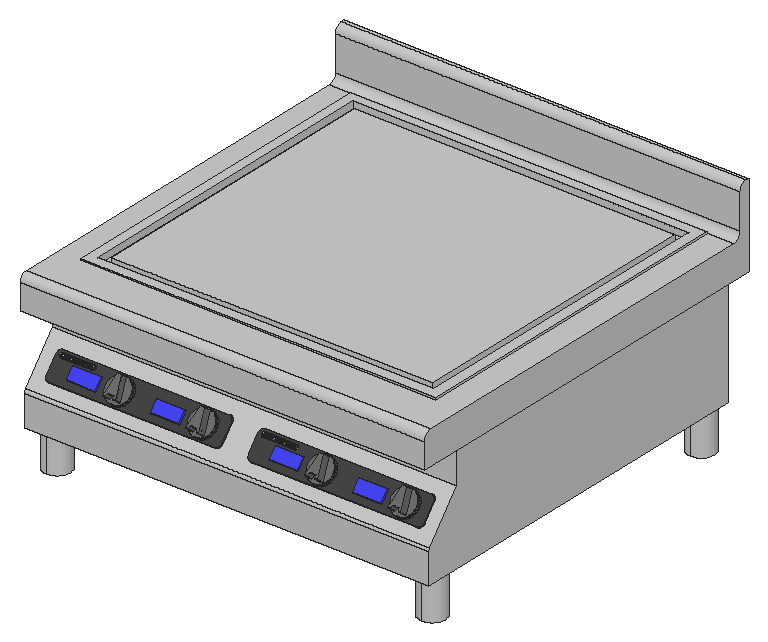
Revit family "QF_ADVENTYS_MOP4I_16000_250902084646", category Specialty Equipment, Revit 2021
Family settings
  Round Connector Dimension = Use Diameter
  Part Type = Normal
  OmniClass Number = 23.40.40.14
  OmniClass Title = Food Service Equipment
  Work Plane-Based = No
  Always vertical = Yes
  Cut with Voids When Loaded = No
  Shared = No
  Room Calculation Point = No
Parameters (values of type "ADV2048")
  Weight in Pounds [instance] = 0
  Weight = 100.00 kg
  Warranty Start Date [instance] = ""
  Warranty Duration [instance] = ""
  Volts [instance] = 440 V
  URL Recommended Spares List = ""
  URL Manufacturer = ""
  URL Cutsheet = ""
  URL Critical Spares List = ""
  URL = "www.adventys.com"
  Tag Number [instance] = ""
  Status [instance] = ""
  Specification by User [instance] = ""
  Specification by Manufacturer [instance] = ""
  Sound Level [instance] = ""
  Solid Fuel Type [instance] = ""
  Service Life Duration [instance] = ""
  Serial Number [instance] = ""
  Seismic Rating [instance] = ""
  SMACNA No [instance] = ""
  Revision Code [instance] = ""
  Revision [instance] = ""
  Production Year [instance] = ""
  Point Load [instance] = 0
  Phase [instance] = 3
  Other Equipment Approvals [instance] = ""
  Number of Poles [instance] = 3
  NAFEM Spec ID Number [instance] = ""
  Model Warning [instance] = ""
  Model = "MOP4I 16000"
  Min Ckt Ampacity [instance] = 0 A
  Max Overcurrent Protection [instance] = 25 A
  Masterspec [instance] = ""
  Manufacturer = "ADVENTYS"
  Length Actual = 800 mm
  Item Number [instance] = ""
  Installed By [instance] = ""
  Installation Date [instance] = ""
  Identify Quantity as Lot [instance] = no
  ID [instance] = ""
  Hygiene Approval [instance] = ""
  Hot Water Consumption = 0.0 L/s
  Height Actual = 456 mm
  HP power [instance] = ""
  Furnished By [instance] = ""
  Foodservice Equipment Identifier [instance] = no
  FL Amps [instance] = 24 A
  Electrical Remarks [instance] = "Plug not included"
  Electric power [instance] = 0 W
  Electric Connection Type [instance] = "Cord&Plug"
  Elec Conn RI Height [instance] = 0 mm
  Elec Conn Connection Height [instance] = 0 mm
  ETL Approved [instance] = no
  Description = "INDUCTION PLANCHA MODULE 4 ZONES THREE-PHASE"
  Depth Actual = 800 mm
  Default Elevation = 0 mm
  Cycle [instance] = 60 Hz
  Cost = 0
  Conn Plug [instance] = ""
  Conn Conduit [instance] = no
  CSI MasterFormat [instance] = ""
  CE Approved [instance] = no
  Barcode [instance] = 0
  Author [instance] = ""
  Asset Identifier [instance] = ""
  Apparent Power [instance] = 16000 VA
  Accessory = no
Reference planes
  plane 1 "Center (Front/Back)": y = 0
  plane 2: z = 0
  plane 3 "Center (Left/Right)": x = 0
Forms (mm)
  Extrusion 1, solid, not visible
    sketch origin (96.005, -39.002, 227.011) x (1, 0, 0) y (0, 1, 0)
      loop
        line (-2, 2) -> (-2, -2) -> (2, -2) -> (2, 2) -> (-2, 2)
    from -2 to 2
Dimensions and locks
  locked: Extrusion 1 to nested 2
  locked: nested 2 to Extrusion 1 at 2
  aligned and locked: level to plane 2
Nested families
  nested 1: "QF_ADVENTYS_ADV2048_2916" at (0, 0, 0), type "ADV2048"
    with Status "", Show Logo yes
  nested 2: "CONN_POINT_ELE_2D___Generic_Annotation" at (96.005, -37.002, 227.011), type "CONN_POINT_ELE_2D___Generic_Annotation"
    with Onboard connection annotation symbol visibility yes
Connectors
  electrical at (96.005, -37.002, 227.011), driven by "Apparent Power", driven by "Number of Poles", driven by "Volts"
    settings: on Extrusion 1, index 1, voltage 440 V, apparent load 0 VA, apparent load phase1 16000 VA, apparent load phase2 0 VA, apparent load phase3 0 VA, power factor 1, load classification "Other", number of poles 3, system type 31, power factor state 1, is connector primary yes, connector utility no, sub classification motor no, connector description "Electrical connection for MOP4I 16000"
Definition of nested family "QF_ADVENTYS_ADV2048_2916"
  Parameters (values of type "ADV2048")
    URL = "www.adventys.com"
    Status [instance] = ""
    Show Logo [instance] = yes
    Model = "MOP4I 16000"
    Manufacturer = "ADVENTYS"
    Description = "INDUCTION PLANCHA MODULE 4 ZONES THREE-PHASE"
    Default Elevation = 0 mm
    Author = "SPECIFI"
    Assembly Code = "E1090320"
  Reference planes
    plane 1 "Back": y = 0
    plane 2: z = 0
    plane 3 "Left": x = 0
    plane 4 "Right": x = 800
    plane 5 "Front": y = -800
    plane 6 "Top": z = 455
  Forms (mm)
    Extrusion 1, solid
      sketch origin (0, 0, 0) x (0, 1, 0) y (0, 0, 1)
        loop
          line (-790, 80) -> (-50, 80) -> (-50, 290.8) -> (-720, 290.8) -> (-720, 227.161) -> (-787.017, 147.294)
          arc (-787.017, 147.294) -> (-789.078, 143.88) -> (-790, 140) r 12.92
          line (-790, 140) -> (-790, 80)
      from 0 to 800
    Extrusion 2, solid
      sketch origin (0, 0, 0) x (0, 1, 0) y (0, 0, 1)
        loop
          line (0, 290.8) -> (0, 455) -> (-5, 455)
          arc (-5, 455) -> (-15.607, 450.607) -> (-20, 440) r 15
          line (-20, 440) -> (-20, 370.8)
          arc (-20, 370.8) -> (-24.393, 360.193) -> (-35, 355.8) r 15
          line (-35, 355.8) -> (-785, 355.8)
          arc (-785, 355.8) -> (-795.607, 351.407) -> (-800, 340.8) r 15
          line (-800, 340.8) -> (-800, 290.8) -> (0, 290.8)
      from 0 to 800
    Extrusion 3, solid
      sketch origin (525, -720, 227.161) x (0, -0.642788, -0.766044) y (1, 0, 0)
        loop
          arc (26.45, -488.6) -> (29.379, -495.671) -> (36.45, -498.6) r 10
          line (36.45, -498.6) -> (72.45, -498.6)
          arc (72.45, -498.6) -> (79.521, -495.671) -> (82.45, -488.6) r 10
          line (82.45, -488.6) -> (82.45, -161.4)
          arc (82.45, -161.4) -> (79.521, -154.329) -> (72.45, -151.4) r 10
          line (72.45, -151.4) -> (36.45, -151.4)
          arc (36.45, -151.4) -> (29.379, -154.329) -> (26.45, -161.4) r 10
          line (26.45, -161.4) -> (26.45, -488.6)
      from 0 to 1.881
    Extrusion 4, solid
      sketch origin (525, -720, 227.161) x (0, -0.642788, -0.766044) y (1, 0, 0)
        loop
          line (44.95, -459.1) -> (68.95, -459.1) -> (68.95, -403.1) -> (44.95, -403.1) -> (44.95, -459.1)
        loop
          line (44.95, -293.6) -> (68.95, -293.6) -> (68.95, -237.6) -> (44.95, -237.6) -> (44.95, -293.6)
      from 1.881 to 3.679
    Extrusion 5, solid
      sketch origin (525, -720, 227.161) x (0, -0.642788, -0.766044) y (1, 0, 0)
        loop
          line (77.193, -371.481) -> (78.52, -367.858) -> (79.283, -363.991) -> (79.427, -360.015) -> (78.941, -356.081) -> (77.862, -352.331) -> (76.265, -348.888) -> (74.254, -345.841) -> (71.944, -343.24) -> (69.45, -341.1) -> (66.873, -339.405) -> (64.297, -338.121) -> (61.785, -337.2) -> (59.381, -336.591) -> (56.817, -336.212) -> (54.45, -336.1) -> (52.084, -336.212) -> (49.52, -336.591) -> (47.116, -337.2) -> (44.604, -338.121) -> (42.027, -339.405) -> (39.45, -341.1) -> (36.956, -343.24) -> (34.647, -345.841) -> (32.636, -348.888) -> (31.039, -352.331) -> (29.959, -356.081) -> (29.474, -360.015) -> (29.618, -363.991) -> (30.381, -367.858) -> (31.708, -371.481) -> (33.507, -374.752) -> (35.926, -377.889) -> (38.945, -380.711) -> (42.475, -383.045) -> (46.365, -384.756) -> (50.423, -385.773) -> (54.45, -386.1) -> (58.478, -385.773) -> (62.536, -384.756) -> (66.426, -383.045) -> (69.956, -380.711) -> (72.974, -377.889) -> (75.393, -374.752) -> (77.193, -371.481)
        loop
          line (78.941, -191.081) -> (77.862, -187.331) -> (76.265, -183.888) -> (74.254, -180.841) -> (71.944, -178.24) -> (69.45, -176.1) -> (66.873, -174.405) -> (64.297, -173.121) -> (61.785, -172.2) -> (59.381, -171.591) -> (56.817, -171.212) -> (54.45, -171.1) -> (52.084, -171.212) -> (49.52, -171.591) -> (47.116, -172.2) -> (44.604, -173.121) -> (42.027, -174.405) -> (39.45, -176.1) -> (36.956, -178.24) -> (34.647, -180.841) -> (32.636, -183.888) -> (31.039, -187.331) -> (29.959, -191.081) -> (29.474, -195.015) -> (29.618, -198.991) -> (30.381, -202.858) -> (31.708, -206.481) -> (33.507, -209.752) -> (35.926, -212.889) -> (38.945, -215.711) -> (42.475, -218.045) -> (46.365, -219.756) -> (50.423, -220.773) -> (54.45, -221.1) -> (58.478, -220.773) -> (62.536, -219.756) -> (66.426, -218.045) -> (69.956, -215.711) -> (72.974, -212.889) -> (75.393, -209.752) -> (77.193, -206.481) -> (78.52, -202.858) -> (79.283, -198.991) -> (79.427, -195.015) -> (78.941, -191.081)
      from 1.881 to 10
    Extrusion 6, solid
      sketch origin (525, -720, 227.161) x (0, -0.642788, -0.766044) y (1, 0, 0)
        loop
          line (72.45, -353.1) -> (72.45, -348.1) -> (31.45, -357.1) -> (31.45, -365.1) -> (72.45, -374.1) -> (72.45, -369.1) -> (66.45, -367.1) -> (66.45, -355.1) -> (72.45, -353.1)
      from 10 to 25.009
    Extrusion 7, solid
      sketch origin (690, -720, 227.161) x (0, -0.642788, -0.766044) y (1, 0, 0)
        loop
          line (72.45, -353.1) -> (72.45, -348.1) -> (31.45, -357.1) -> (31.45, -365.1) -> (72.45, -374.1) -> (72.45, -369.1) -> (66.45, -367.1) -> (66.45, -355.1) -> (72.45, -353.1)
      from 10 to 25.009
    Revolve 8, solid
      sketch origin (29, 0, 0) x (0, 1, 0) y (0, 0, 1)
        loop
          line (-719, 0) -> (-719, 80) -> (-745, 80) -> (-745, 0) -> (-719, 0)
        axis (-745, 80) -> (-745, 0)
      angle from 0 to 360
    Revolve 9, solid
      sketch origin (29, 665, 0) x (0, 1, 0) y (0, 0, 1)
        loop
          line (-719, 0) -> (-719, 80) -> (-745, 80) -> (-745, 0) -> (-719, 0)
        axis (-745, 80) -> (-745, 0)
      angle from 0 to 360
    Revolve 10, solid
      sketch origin (771, 0, 0) x (0, 1, 0) y (0, 0, 1)
        loop
          line (-719, 0) -> (-719, 80) -> (-745, 80) -> (-745, 0) -> (-719, 0)
        axis (-745, 80) -> (-745, 0)
      angle from 0 to 360
    Revolve 11, solid
      sketch origin (771, 665, 0) x (0, 1, 0) y (0, 0, 1)
        loop
          line (-719, 0) -> (-719, 80) -> (-745, 80) -> (-745, 0) -> (-719, 0)
        axis (-745, 80) -> (-745, 0)
      angle from 0 to 360
    Extrusion 12, solid
      sketch origin (0, 0, 0) x (1, 0, 0) y (0, 0, 1)
        loop
          line (173, 264) -> (47, 264) -> (47, 170) -> (173, 170) -> (173, 264)
      from 47.858 to 50
    Extrusion 13, solid
      sketch origin (0, 0, 0) x (1, 0, 0) y (0, 0, 1)
        loop
          circle (110.78, 227.161) r 15
      from 36.426 to 47.858
    Extrusion 14, solid
      sketch origin (925, -720, 227.161) x (0, -0.642788, -0.766044) y (1, 0, 0)
        loop
          arc (26.45, -488.6) -> (29.379, -495.671) -> (36.45, -498.6) r 10
          line (36.45, -498.6) -> (72.45, -498.6)
          arc (72.45, -498.6) -> (79.521, -495.671) -> (82.45, -488.6) r 10
          line (82.45, -488.6) -> (82.45, -161.4)
          arc (82.45, -161.4) -> (79.521, -154.329) -> (72.45, -151.4) r 10
          line (72.45, -151.4) -> (36.45, -151.4)
          arc (36.45, -151.4) -> (29.379, -154.329) -> (26.45, -161.4) r 10
          line (26.45, -161.4) -> (26.45, -488.6)
      from 0 to 1.881
    Extrusion 15, solid
      sketch origin (925, -720, 227.161) x (0, -0.642788, -0.766044) y (1, 0, 0)
        loop
          line (44.95, -459.1) -> (68.95, -459.1) -> (68.95, -403.1) -> (44.95, -403.1) -> (44.95, -459.1)
        loop
          line (44.95, -293.6) -> (68.95, -293.6) -> (68.95, -237.6) -> (44.95, -237.6) -> (44.95, -293.6)
      from 1.881 to 3.679
    Extrusion 16, solid
      sketch origin (925, -720, 227.161) x (0, -0.642788, -0.766044) y (1, 0, 0)
        loop
          line (77.193, -371.481) -> (78.52, -367.858) -> (79.283, -363.991) -> (79.427, -360.015) -> (78.941, -356.081) -> (77.862, -352.331) -> (76.265, -348.888) -> (74.254, -345.841) -> (71.944, -343.24) -> (69.45, -341.1) -> (66.873, -339.405) -> (64.297, -338.121) -> (61.785, -337.2) -> (59.381, -336.591) -> (56.817, -336.212) -> (54.45, -336.1) -> (52.084, -336.212) -> (49.52, -336.591) -> (47.116, -337.2) -> (44.604, -338.121) -> (42.027, -339.405) -> (39.45, -341.1) -> (36.956, -343.24) -> (34.647, -345.841) -> (32.636, -348.888) -> (31.039, -352.331) -> (29.959, -356.081) -> (29.474, -360.015) -> (29.618, -363.991) -> (30.381, -367.858) -> (31.708, -371.481) -> (33.507, -374.752) -> (35.926, -377.889) -> (38.945, -380.711) -> (42.475, -383.045) -> (46.365, -384.756) -> (50.423, -385.773) -> (54.45, -386.1) -> (58.478, -385.773) -> (62.536, -384.756) -> (66.426, -383.045) -> (69.956, -380.711) -> (72.974, -377.889) -> (75.393, -374.752) -> (77.193, -371.481)
        loop
          line (78.941, -191.081) -> (77.862, -187.331) -> (76.265, -183.888) -> (74.254, -180.841) -> (71.944, -178.24) -> (69.45, -176.1) -> (66.873, -174.405) -> (64.297, -173.121) -> (61.785, -172.2) -> (59.381, -171.591) -> (56.817, -171.212) -> (54.45, -171.1) -> (52.084, -171.212) -> (49.52, -171.591) -> (47.116, -172.2) -> (44.604, -173.121) -> (42.027, -174.405) -> (39.45, -176.1) -> (36.956, -178.24) -> (34.647, -180.841) -> (32.636, -183.888) -> (31.039, -187.331) -> (29.959, -191.081) -> (29.474, -195.015) -> (29.618, -198.991) -> (30.381, -202.858) -> (31.708, -206.481) -> (33.507, -209.752) -> (35.926, -212.889) -> (38.945, -215.711) -> (42.475, -218.045) -> (46.365, -219.756) -> (50.423, -220.773) -> (54.45, -221.1) -> (58.478, -220.773) -> (62.536, -219.756) -> (66.426, -218.045) -> (69.956, -215.711) -> (72.974, -212.889) -> (75.393, -209.752) -> (77.193, -206.481) -> (78.52, -202.858) -> (79.283, -198.991) -> (79.427, -195.015) -> (78.941, -191.081)
      from 1.881 to 10
    Extrusion 17, solid
      sketch origin (925, -720, 227.161) x (0, -0.642788, -0.766044) y (1, 0, 0)
        loop
          line (72.45, -353.1) -> (72.45, -348.1) -> (31.45, -357.1) -> (31.45, -365.1) -> (72.45, -374.1) -> (72.45, -369.1) -> (66.45, -367.1) -> (66.45, -355.1) -> (72.45, -353.1)
      from 10 to 25.009
    Extrusion 18, solid
      sketch origin (1090, -720, 227.161) x (0, -0.642788, -0.766044) y (1, 0, 0)
        loop
          line (72.45, -353.1) -> (72.45, -348.1) -> (31.45, -357.1) -> (31.45, -365.1) -> (72.45, -374.1) -> (72.45, -369.1) -> (66.45, -367.1) -> (66.45, -355.1) -> (72.45, -353.1)
      from 10 to 25.009
    Extrusion 19, void
      sketch origin (0, 0, 0) x (1, 0, 0) y (0, 1, 0)
        loop
          line (62.215, -56.5) -> (62.215, -702.5) -> (737.785, -702.5) -> (737.785, -56.5) -> (62.215, -56.5)
      from 346.394 to 355.8
    Sweep 20, solid
      path origin (0, 0, 1.875) x (1, 0, 0) y (0, 1, 0)
        loop
          line (83, -77.24) -> (83, -677.24) -> (717, -677.24) -> (717, -77.24) -> (83, -77.24)
      profile origin (400, -77.24, 1.875) x (0, 1, 0) y (0, 0, 1)
        loop
          line (18.385, 344.519) -> (18.385, 357.245) -> (34.635, 357.245) -> (34.635, 360.254) -> (15.375, 360.254) -> (15.375, 347.528) -> (0, 347.528) -> (0, 344.519) -> (18.385, 344.519)
    Extrusion 21, solid
      sketch origin (0, 0, 1.875) x (1, 0, 0) y (0, 1, 0)
        loop
          line (717, -77.24) -> (83, -77.24) -> (83, -677.24) -> (717, -677.24) -> (717, -77.24)
      from 344.519 to 359.254
    Extrusion 22, solid, visible <- "Show Logo"
      sketch origin (-49.76, -336.42, 412.216) x (1, 0, 0) y (0, 0.642788, 0.766044)
        loop
          arc (88.581, -421.313) -> (88.113, -421.507) -> (87.92, -421.974) r 0.661
          line (87.92, -421.974) -> (87.92, -423.61)
          arc (87.92, -423.61) -> (88.124, -424.087) -> (88.609, -424.27) r 0.661
          line (88.609, -424.27) -> (88.609, -423.032)
          arc (88.609, -423.032) -> (88.952, -422.351) -> (89.662, -422.077) r 1.058
          line (89.662, -422.077) -> (92.486, -422.077)
          arc (92.486, -422.077) -> (92.335, -421.544) -> (91.833, -421.313) r 0.661
          line (91.833, -421.313) -> (88.581, -421.313)
        loop
          arc (88.581, -420.916) -> (87.833, -421.226) -> (87.523, -421.974) r 1.058
          line (87.523, -421.974) -> (87.523, -423.61)
          arc (87.523, -423.61) -> (87.843, -424.368) -> (88.609, -424.667) r 1.058
          arc (88.609, -424.667) -> (88.88, -425.483) -> (89.667, -425.828) r 1.058
          arc (89.667, -425.828) -> (89.974, -426.583) -> (90.725, -426.896) r 1.058
          line (90.725, -426.896) -> (93.719, -426.896)
          arc (93.719, -426.896) -> (94.467, -426.586) -> (94.777, -425.838) r 1.058
          line (94.777, -425.838) -> (94.777, -424.306)
          arc (94.777, -424.306) -> (94.463, -423.554) -> (93.708, -423.248) r 1.058
          arc (93.708, -423.248) -> (93.515, -422.517) -> (92.883, -422.101) r 1.058
          arc (92.883, -422.101) -> (92.625, -421.273) -> (91.833, -420.916) r 1.058
          line (91.833, -420.916) -> (88.581, -420.916)
        loop
          arc (93.719, -426.499) -> (94.187, -426.306) -> (94.38, -425.838) r 0.661
          line (94.38, -425.838) -> (94.38, -424.306)
          arc (94.38, -424.306) -> (94.185, -423.837) -> (93.714, -423.645) r 0.661
          line (93.714, -423.645) -> (93.714, -424.77)
          arc (93.714, -424.77) -> (93.404, -425.518) -> (92.656, -425.828) r 1.058
          line (92.656, -425.828) -> (90.064, -425.828)
          arc (90.064, -425.828) -> (90.254, -426.302) -> (90.725, -426.499) r 0.661
          line (90.725, -426.499) -> (93.719, -426.499)
        loop
          arc (95.546, -425.156) -> (95.587, -425.684) -> (96.116, -425.67) r 0.384
          line (96.116, -425.67) -> (96.845, -424.94) -> (99.743, -424.94) -> (100.472, -425.67)
          arc (100.472, -425.67) -> (101.001, -425.684) -> (101.042, -425.156) r 0.384
          line (101.042, -425.156) -> (98.294, -421.762) -> (95.546, -425.156)
        loop
          line (98.294, -423.127) -> (97.364, -424.275) -> (99.224, -424.275) -> (98.294, -423.127)
        loop
          line (102.315, -421.827) -> (102.315, -425.732) -> (105.995, -425.732)
          arc (105.995, -425.732) -> (107.947, -423.78) -> (105.995, -421.827) r 1.953
          line (105.995, -421.827) -> (102.315, -421.827)
        loop
          line (105.995, -422.854) -> (103.343, -422.854) -> (103.343, -424.705) -> (105.995, -424.705)
          arc (105.995, -424.705) -> (106.92, -423.78) -> (105.995, -422.854) r 0.925
        loop
          arc (109.84, -422.053) -> (109.312, -422.039) -> (109.27, -422.566) r 0.384
          line (109.27, -422.566) -> (112.019, -425.961) -> (114.767, -422.566)
          arc (114.767, -422.566) -> (114.725, -422.039) -> (114.197, -422.053) r 0.384
          line (114.197, -422.053) -> (112.019, -424.743) -> (109.84, -422.053)
        loop
          line (121.269, -421.781) -> (116.07, -421.781) -> (116.07, -425.732) -> (121.269, -425.732)
          arc (121.269, -425.732) -> (121.671, -425.331) -> (121.269, -424.93) r 0.401
          line (121.269, -424.93) -> (116.972, -424.93) -> (116.972, -424.139) -> (121.269, -424.139)
          arc (121.269, -424.139) -> (121.633, -423.775) -> (121.269, -423.412) r 0.363
          line (121.269, -423.412) -> (116.972, -423.412) -> (116.972, -422.583) -> (121.269, -422.583)
          arc (121.269, -422.583) -> (121.671, -422.182) -> (121.269, -421.781) r 0.401
        loop
          line (122.879, -422.331) -> (122.879, -425.274)
          arc (122.879, -425.274) -> (123.306, -425.701) -> (123.733, -425.274) r 0.427
          line (123.733, -425.274) -> (123.733, -423.122) -> (127.538, -425.5)
          arc (127.538, -425.5) -> (128.155, -425.516) -> (128.468, -424.984) r 0.608
          line (128.468, -424.984) -> (128.468, -422.254)
          arc (128.468, -422.254) -> (128.018, -421.804) -> (127.568, -422.254) r 0.45
          line (127.568, -422.254) -> (127.568, -424.337) -> (123.663, -421.897)
          arc (123.663, -421.897) -> (123.143, -421.883) -> (122.879, -422.331) r 0.513
        loop
          arc (130.273, -421.857) -> (129.778, -422.352) -> (130.273, -422.846) r 0.494
          line (130.273, -422.846) -> (132.065, -422.846) -> (132.065, -425.082)
          arc (132.065, -425.082) -> (132.54, -425.558) -> (133.016, -425.082) r 0.475
          line (133.016, -425.082) -> (133.016, -422.846) -> (134.724, -422.846)
          arc (134.724, -422.846) -> (135.218, -422.352) -> (134.724, -421.857) r 0.494
          line (134.724, -421.857) -> (130.273, -421.857)
        loop
          line (139.461, -423.175) -> (137.5, -421.853)
          arc (137.5, -421.853) -> (136.836, -421.982) -> (136.965, -422.646) r 0.479
          line (136.965, -422.646) -> (138.926, -423.969) -> (138.926, -425.108)
          arc (138.926, -425.108) -> (139.461, -425.643) -> (139.997, -425.108) r 0.535
          line (139.997, -425.108) -> (139.997, -423.969) -> (141.958, -422.646)
          arc (141.958, -422.646) -> (142.087, -421.982) -> (141.423, -421.853) r 0.479
          line (141.423, -421.853) -> (139.461, -423.175)
        loop
          line (148.501, -421.857) -> (144.795, -421.857)
          arc (144.795, -421.857) -> (143.661, -422.991) -> (144.795, -424.125) r 1.134
          line (144.795, -424.125) -> (147.852, -424.125)
          arc (147.852, -424.125) -> (148.265, -424.538) -> (147.852, -424.951) r 0.413
          line (147.852, -424.951) -> (144.128, -424.951)
          arc (144.128, -424.951) -> (143.786, -425.292) -> (144.128, -425.634) r 0.342
          line (144.128, -425.634) -> (148.218, -425.634)
          arc (148.218, -425.634) -> (148.994, -424.394) -> (147.885, -423.44) r 1.122
          line (147.885, -423.44) -> (144.736, -423.44)
          arc (144.736, -423.44) -> (144.286, -422.99) -> (144.736, -422.541) r 0.45
          line (144.736, -422.541) -> (148.501, -422.541)
          arc (148.501, -422.541) -> (148.843, -422.199) -> (148.501, -421.857) r 0.342
        loop
          arc (87.442, -420.162) -> (83.674, -423.931) -> (87.442, -427.699) r 3.769
          line (87.442, -427.699) -> (150.103, -427.699)
          arc (150.103, -427.699) -> (153.872, -423.931) -> (150.103, -420.162) r 3.769
          line (150.103, -420.162) -> (87.442, -420.162)
        loop
          arc (87.442, -419.771) -> (83.283, -423.931) -> (87.442, -428.091) r 4.16
          line (87.442, -428.091) -> (150.103, -428.091)
          arc (150.103, -428.091) -> (154.263, -423.931) -> (150.103, -419.771) r 4.16
          line (150.103, -419.771) -> (87.442, -419.771)
      from 176.77 to 176.97
    Extrusion 23, solid, visible <- "Show Logo"
      sketch origin (350.24, -336.42, 412.216) x (1, 0, 0) y (0, 0.642788, 0.766044)
        loop
          arc (88.581, -421.313) -> (88.113, -421.507) -> (87.92, -421.974) r 0.661
          line (87.92, -421.974) -> (87.92, -423.61)
          arc (87.92, -423.61) -> (88.124, -424.087) -> (88.609, -424.27) r 0.661
          line (88.609, -424.27) -> (88.609, -423.032)
          arc (88.609, -423.032) -> (88.952, -422.351) -> (89.662, -422.077) r 1.058
          line (89.662, -422.077) -> (92.486, -422.077)
          arc (92.486, -422.077) -> (92.335, -421.544) -> (91.833, -421.313) r 0.661
          line (91.833, -421.313) -> (88.581, -421.313)
        loop
          arc (88.581, -420.916) -> (87.833, -421.226) -> (87.523, -421.974) r 1.058
          line (87.523, -421.974) -> (87.523, -423.61)
          arc (87.523, -423.61) -> (87.843, -424.368) -> (88.609, -424.667) r 1.058
          arc (88.609, -424.667) -> (88.88, -425.483) -> (89.667, -425.828) r 1.058
          arc (89.667, -425.828) -> (89.974, -426.583) -> (90.725, -426.896) r 1.058
          line (90.725, -426.896) -> (93.719, -426.896)
          arc (93.719, -426.896) -> (94.467, -426.586) -> (94.777, -425.838) r 1.058
          line (94.777, -425.838) -> (94.777, -424.306)
          arc (94.777, -424.306) -> (94.463, -423.554) -> (93.708, -423.248) r 1.058
          arc (93.708, -423.248) -> (93.515, -422.517) -> (92.883, -422.101) r 1.058
          arc (92.883, -422.101) -> (92.625, -421.273) -> (91.833, -420.916) r 1.058
          line (91.833, -420.916) -> (88.581, -420.916)
        loop
          arc (93.719, -426.499) -> (94.187, -426.306) -> (94.38, -425.838) r 0.661
          line (94.38, -425.838) -> (94.38, -424.306)
          arc (94.38, -424.306) -> (94.185, -423.837) -> (93.714, -423.645) r 0.661
          line (93.714, -423.645) -> (93.714, -424.77)
          arc (93.714, -424.77) -> (93.404, -425.518) -> (92.656, -425.828) r 1.058
          line (92.656, -425.828) -> (90.064, -425.828)
          arc (90.064, -425.828) -> (90.254, -426.302) -> (90.725, -426.499) r 0.661
          line (90.725, -426.499) -> (93.719, -426.499)
        loop
          arc (95.546, -425.156) -> (95.587, -425.684) -> (96.116, -425.67) r 0.384
          line (96.116, -425.67) -> (96.845, -424.94) -> (99.743, -424.94) -> (100.472, -425.67)
          arc (100.472, -425.67) -> (101.001, -425.684) -> (101.042, -425.156) r 0.384
          line (101.042, -425.156) -> (98.294, -421.762) -> (95.546, -425.156)
        loop
          line (98.294, -423.127) -> (97.364, -424.275) -> (99.224, -424.275) -> (98.294, -423.127)
        loop
          line (102.315, -421.827) -> (102.315, -425.732) -> (105.995, -425.732)
          arc (105.995, -425.732) -> (107.947, -423.78) -> (105.995, -421.827) r 1.953
          line (105.995, -421.827) -> (102.315, -421.827)
        loop
          line (105.995, -422.854) -> (103.343, -422.854) -> (103.343, -424.705) -> (105.995, -424.705)
          arc (105.995, -424.705) -> (106.92, -423.78) -> (105.995, -422.854) r 0.925
        loop
          arc (109.84, -422.053) -> (109.312, -422.039) -> (109.27, -422.566) r 0.384
          line (109.27, -422.566) -> (112.019, -425.961) -> (114.767, -422.566)
          arc (114.767, -422.566) -> (114.725, -422.039) -> (114.197, -422.053) r 0.384
          line (114.197, -422.053) -> (112.019, -424.743) -> (109.84, -422.053)
        loop
          line (121.269, -421.781) -> (116.07, -421.781) -> (116.07, -425.732) -> (121.269, -425.732)
          arc (121.269, -425.732) -> (121.671, -425.331) -> (121.269, -424.93) r 0.401
          line (121.269, -424.93) -> (116.972, -424.93) -> (116.972, -424.139) -> (121.269, -424.139)
          arc (121.269, -424.139) -> (121.633, -423.775) -> (121.269, -423.412) r 0.363
          line (121.269, -423.412) -> (116.972, -423.412) -> (116.972, -422.583) -> (121.269, -422.583)
          arc (121.269, -422.583) -> (121.671, -422.182) -> (121.269, -421.781) r 0.401
        loop
          line (122.879, -422.331) -> (122.879, -425.274)
          arc (122.879, -425.274) -> (123.306, -425.701) -> (123.733, -425.274) r 0.427
          line (123.733, -425.274) -> (123.733, -423.122) -> (127.538, -425.5)
          arc (127.538, -425.5) -> (128.155, -425.516) -> (128.468, -424.984) r 0.608
          line (128.468, -424.984) -> (128.468, -422.254)
          arc (128.468, -422.254) -> (128.018, -421.804) -> (127.568, -422.254) r 0.45
          line (127.568, -422.254) -> (127.568, -424.337) -> (123.663, -421.897)
          arc (123.663, -421.897) -> (123.143, -421.883) -> (122.879, -422.331) r 0.513
        loop
          arc (130.273, -421.857) -> (129.778, -422.352) -> (130.273, -422.846) r 0.494
          line (130.273, -422.846) -> (132.065, -422.846) -> (132.065, -425.082)
          arc (132.065, -425.082) -> (132.54, -425.558) -> (133.016, -425.082) r 0.475
          line (133.016, -425.082) -> (133.016, -422.846) -> (134.724, -422.846)
          arc (134.724, -422.846) -> (135.218, -422.352) -> (134.724, -421.857) r 0.494
          line (134.724, -421.857) -> (130.273, -421.857)
        loop
          line (139.461, -423.175) -> (137.5, -421.853)
          arc (137.5, -421.853) -> (136.836, -421.982) -> (136.965, -422.646) r 0.479
          line (136.965, -422.646) -> (138.926, -423.969) -> (138.926, -425.108)
          arc (138.926, -425.108) -> (139.461, -425.643) -> (139.997, -425.108) r 0.535
          line (139.997, -425.108) -> (139.997, -423.969) -> (141.958, -422.646)
          arc (141.958, -422.646) -> (142.087, -421.982) -> (141.423, -421.853) r 0.479
          line (141.423, -421.853) -> (139.461, -423.175)
        loop
          line (148.501, -421.857) -> (144.795, -421.857)
          arc (144.795, -421.857) -> (143.661, -422.991) -> (144.795, -424.125) r 1.134
          line (144.795, -424.125) -> (147.852, -424.125)
          arc (147.852, -424.125) -> (148.265, -424.538) -> (147.852, -424.951) r 0.413
          line (147.852, -424.951) -> (144.128, -424.951)
          arc (144.128, -424.951) -> (143.786, -425.292) -> (144.128, -425.634) r 0.342
          line (144.128, -425.634) -> (148.218, -425.634)
          arc (148.218, -425.634) -> (148.994, -424.394) -> (147.885, -423.44) r 1.122
          line (147.885, -423.44) -> (144.736, -423.44)
          arc (144.736, -423.44) -> (144.286, -422.99) -> (144.736, -422.541) r 0.45
          line (144.736, -422.541) -> (148.501, -422.541)
          arc (148.501, -422.541) -> (148.843, -422.199) -> (148.501, -421.857) r 0.342
        loop
          arc (87.442, -420.162) -> (83.674, -423.931) -> (87.442, -427.699) r 3.769
          line (87.442, -427.699) -> (150.103, -427.699)
          arc (150.103, -427.699) -> (153.872, -423.931) -> (150.103, -420.162) r 3.769
          line (150.103, -420.162) -> (87.442, -420.162)
        loop
          arc (87.442, -419.771) -> (83.283, -423.931) -> (87.442, -428.091) r 4.16
          line (87.442, -428.091) -> (150.103, -428.091)
          arc (150.103, -428.091) -> (154.263, -423.931) -> (150.103, -419.771) r 4.16
          line (150.103, -419.771) -> (87.442, -419.771)
      from 176.77 to 176.97
  Cuts and joins
    Extrusion 19 cuts Extrusion 2
    joined: Sweep 20, Extrusion 21
  Lines and regions (mm)
    symbolic lines
      curve 1: line (0, 0, 0) -> (800, 0, 0)
      curve 2: line (0, -800, 0) -> (0, 0, 0)
      curve 3: line (800, -800, 0) -> (0, -800, 0)
      curve 4: line (800, 0, 0) -> (800, -800, 0)
      curve 5: line (48.365, -42.606, 0) -> (751.635, -42.606, 0)
      curve 6: line (48.365, -711.875, 0) -> (48.365, -42.606, 0)
      curve 7: line (751.635, -711.875, 0) -> (48.365, -711.875, 0)
      curve 8: line (751.635, -42.606, 0) -> (751.635, -711.875, 0)
      curve 9: line (0, -20, 0) -> (800, -20, 0)
      curve 10: line (67.625, -61.865, 0) -> (732.375, -61.865, 0)
      curve 11: line (67.625, -692.615, 0) -> (732.375, -692.615, 0)
      curve 12: line (67.625, -692.615, 0) -> (67.625, -61.865, 0)
      curve 13: line (732.375, -692.615, 0) -> (732.375, -61.865, 0)
      curve 14: line (83, -77.24, 0) -> (717, -77.24, 0)
      curve 15: line (83, -677.24, 0) -> (83, -77.24, 0)
      curve 16: line (717, -677.24, 0) -> (717, -77.24, 0)
      curve 17: line (83, -677.24, 0) -> (717, -677.24, 0)
  Dimensions and locks
    plane 6 "Top" to level = 455 mm
    aligned and locked: level to plane 2
Definition of nested family "CONN_POINT_ELE_2D___Generic_Annotation"
  Parameters (values of type "CONN_POINT_ELE_2D___Generic_Annotation")
    Onboard connection annotation symbol visibility [instance] = yes
  Reference planes
    plane 1: y = 0
    plane 2: x = 0
  Lines and regions (mm)
    detail lines, visible <- "Onboard connection annotation symbol visibility"
      curve 1: circle (0, 0, 0) r 0.5 normal (0, 0, 1)
      curve 2: line (-1, 0, 0) -> (1, 0, 0)
      curve 3: line (0, 1, 0) -> (0, -1, 0)
      curve 4: line (2.5, 1, 0) -> (1.25, 1, 0)
      curve 5: line (1.25, 1, 0) -> (1.25, -1, 0)
      curve 6: line (1.25, -1, 0) -> (2.5, -1, 0)
      curve 7: line (1.25, 0, 0) -> (2, 0, 0)
